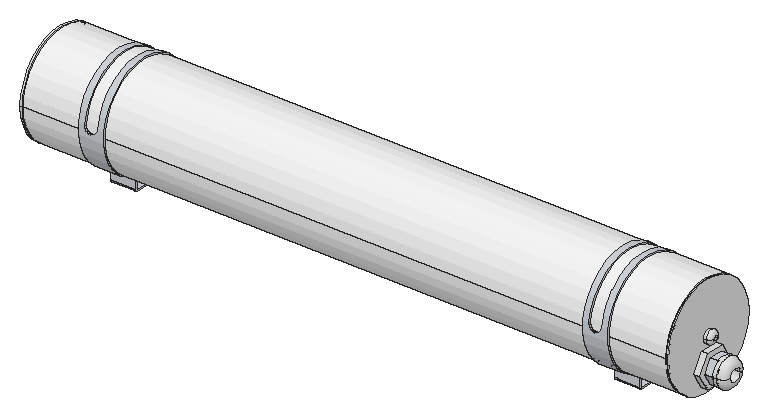
Revit family "0047610 Feilo Slyvania Lighting Fixture SYLPROOF TUBULAR LED 1X600 EB MW NW", category Lighting Fixtures, host Face, Revit 2017
Family settings
  Host = Face
  Round Connector Dimension = Use Diameter
  Part Type = Normal
  OmniClass Number = 23.80.70.00
  OmniClass Title = Lighting
  Cut with Voids When Loaded = No
  Light Source = Yes
  Shared = No
  Room Calculation Point = No
Parameters (values of type "0047610 SYLPROOF TUBULAR LED 1X600 EB MW NW")
  Weight = "1.9 kg"
  Wattage Comments = "n/a"
  Wattage = 13 W
  WarrantyStartDate [instance] = "n/a"
  WarrantyGuarantorParts = "n/a"
  WarrantyDurationUnit = "n/a"
  WarrantyDurationParts = "n/a"
  WarrantyDescription = "n/a"
  built-in parameter 1150110 = 1 (stored number, unit not read)
  Voltage = 230 V
  URL = "http://www.sylvania-lighting.com"
  TypeName = "SYLPROOF TUBULAR LED 1X600 EB MW NW"
  Type Image = <None>
  Type Comments = "n/a"
  TubeDiameterOutside_FEILO = 100 mm
  TubeDiameterInside_FEILO = 96 mm
  built-in parameter 1114217 = 1 (stored number, unit not read)
  Tilt Angle = -90.00°
  built-in parameter 1150109 = 1 (stored number, unit not read)
  built-in parameter 1150134 = 12
  built-in parameter 1150113 = 1 (stored number, unit not read)
  SerialNumber [instance] = "n/a"
  ReflectorMaterial = Reflector-Sylvania-SylproofTubular-Illumination
  PowerFactor = 0
  PowerConsumption = "13 W"
  Photometric Web File = "0047610.ies"
  NominalLength = 700 mm
  NominalHeight = 112 mm
  NominalDepth = 112 mm
  Name = "SYLPROOF TUBULAR LED 1X600 EB MW NW"
  MountingHeight_FEILO = 64 mm
  ModelReference = Name  # "SYLPROOF TUBULAR LED 1X600 EB MW NW"
  ModelNumber = "0047610"
  Model = Name  # "SYLPROOF TUBULAR LED 1X600 EB MW NW"
  Material = "acrylic/pmma tube housing, acrylic/pmma diffuser"
  ManufacturerName = "Feilo Sylvania"
  Manufacturer = "Feilo Sylvania"
  LuminousEfficacy = "102.92 lm/W"
  built-in parameter 1150105 = 106.47 (stored number, unit not read)
  Lumens = 1337.96 lm
  LuminaireType = ""
  built-in parameter 1150115 = 1 (stored number, unit not read)
  LightOutputRatio = "100"
  TubeLength_FEILO = 642 mm
  built-in parameter 1150137 = (empty or 0)
  built-in parameter 1150139 = (empty or 0)
  LampsType = Lamp  # "LED"
  LampNominalLuminous = "1338 lm"
  LampMacAdamStep = "n/a"
  LampColourTemperature = "4000 K"
  LampColourRenderingIndex = "0"
  built-in parameter 1150112 = 1 (stored number, unit not read)
  built-in parameter 1150114 = 1 (stored number, unit not read)
  Lamp = "LED"
  Keynote = "16500"
  InstallationDate [instance] = "n/a"
  InputVoltage = "220-240V~"
  InputNominalFrequency = "50/60 Hz"
  built-in parameter 1150132 = (empty or 0)
  built-in parameter 1150102 = (empty or 0)
  built-in parameter 1150107 = 4000 (stored number, unit not read)
  built-in parameter 1150138 = (empty or 0)
  IngressProtection = "IP66"
  ImpactProtectionIndex = "IK06"
  built-in parameter 1150106 = 1.0647 (stored number, unit not read)
  IfcExportType = "IfcLightFixtureType"
  IfcExportAs = "IfcLightFixtureType"
  Height_FEILO = 115 mm
  ExpectedLife = 50000
  Emit from Rectangle Width = TubeLength_FEILO - 20 mm  # 622 mm
  Emit from Rectangle Length = 90 mm  # constant formula
  Emit Shape Visible in Rendering = no
  ElectricShockClassification = "Class I"
  built-in parameter 1150104 = 9.5616 (stored number, unit not read)
  DurationUnit = "hours"
  DocumentationLiterature = "http://www.sylvania-lighting.com/product/en-int/products/0047610"
  DimmingControlOptions = "Non dimmable"
  Dimming Lamp Color Temperature Shift = <None>
  DiffuserMaterial = Diffuser-Sylvania-SylproofTubular-Opal
  Description = "Aesthetically attractive and highly efficient LED tubular luminaire, opaque acrylic diffuser, stainless steel end caps and mounting brackets, rapid connector, as Sylvania Sylproof Tubular LED"
  Default Elevation = 1219.2 mm
  CreatedOn = "21/11/2017"
  CreatedBy = ""
  Cost = 0
  Color Filter = 16777215
  built-in parameter 1114216 [instance] = (empty or 0)
  ClassificationValue = "EF_70_80"
  ClassificationName = "Uniclass2015"
  BracketWidth_FEILO = 25 mm
  BracketDistance_FEILO = TubeLength_FEILO - 142 mm  # 500 mm
  BodyMaterial = Body-Sylvania-SylproofTubular-Aluminium
  BarCode [instance] = "n/a"
  built-in parameter 1114218 = 1 (stored number, unit not read)
  built-in parameter 1150133 = 10 (stored number, unit not read)
  AssetType = "Fixed"
  AssetIdentifier [instance] = "n/a"
  Assembly Code = "D5020200"
  Apparent Load = 13 VA
  AccessoryMaterial = none
Reference planes
  plane 1 "Center (Front/Back)": y = 0
  plane 2: z = 0
  plane 3 "Center (Left/Right)": x = 0
  plane 4: x = 250
  plane 5: x = -250
  plane 6: x = 321
  plane 7: x = -321
  plane 8: x = 348
  plane 9: x = -319
  plane 10: x = 319
  plane 11: z = 64
  plane 12: z = 54
  plane 13: y = 14
  plane 14: y = -14
  plane 15: y = -42
  plane 16: y = 42
  plane 17: x = 307
  plane 18: x = -307
  plane 19: x = 324.8
  plane 20: x = -324.8
  plane 21: y = 6.4
  plane 22: y = -6.4
  plane 23: y = 2
  plane 24: x = 328.1
  plane 25: x = -328.1
  plane 26: z = 38
  plane 27: z = 54
  plane 28: z = 22
  plane 29: x = 337.1
  plane 30: x = 340.6
  plane 31: z = 115
Forms (mm)
  Extrusion 1, solid, material "Diffuser-Sylvania-SylproofTubular-Opal" <- "DiffuserMaterial"
    sketch origin (0, 0, 0) x (0, 1, 0) y (0, 0, 1)
      loop
        circle (0, 64) r 50
      loop
        circle (0, 64) r 48
    from -319 to 319
  Extrusion 2, solid, material "Reflector-Sylvania-SylproofTubular-Illumination" <- "ReflectorMaterial", detail levels medium+fine
    sketch origin (0, 0, 0) x (0, 1, 0) y (0, 0, 1)
      loop
        line (14, 54) -> (42, 64) -> (41.664, 64.942) -> (13.827, 55) -> (-13.827, 55) -> (-41.664, 64.942) -> (-42, 64) -> (-14, 54) -> (14, 54)
    from -307 to 307
  Extrusion 3, solid, material "Body-Sylvania-SylproofTubular-Aluminium" <- "BodyMaterial"
    sketch origin (319, 1524, 1219.2) x (0, 1, 0) y (0, 0, 1)
      loop
        circle (-1524, -1155.2) r 50
    from 0 to 2
  Extrusion 4, solid, material "Body-Sylvania-SylproofTubular-Aluminium" <- "BodyMaterial"
    sketch origin (-319, 1524, 1219.2) x (0, 1, 0) y (0, 0, 1)
      loop
        circle (-1524, -1155.2) r 50
    from -2 to 0
  Revolve 5, solid, material "Body-Sylvania-SylproofTubular-Aluminium" <- "BodyMaterial", detail levels fine
    sketch origin (0, 1219.2, 64) x (1, 0, 0) y (0, 1, 0)
      loop
        line (-328.1, -1219.2) -> (-321, -1219.2) -> (-321, -1212.8) -> (-324.8, -1212.8)
        arc (-324.8, -1212.8) -> (-327.183, -1214.45) -> (-328.1, -1217.2) r 4.583
        line (-328.1, -1217.2) -> (-328.1, -1219.2)
      axis (-321, -1219.2) -> (-328.1, -1219.2)
    angle from 360 to 0
  Revolve 6, solid, material "Body-Sylvania-SylproofTubular-Aluminium" <- "BodyMaterial", detail levels fine
    sketch origin (0, 1219.2, 64) x (1, 0, 0) y (0, 1, 0)
      loop
        line (328.1, -1219.2) -> (328.1, -1217.2)
        arc (328.1, -1217.2) -> (327.183, -1214.45) -> (324.8, -1212.8) r 4.583
        line (324.8, -1212.8) -> (321, -1212.8) -> (321, -1219.2) -> (328.1, -1219.2)
      axis (328.1, -1219.2) -> (321, -1219.2)
    angle from 360 to 0
  Extrusion 7, solid, material "Body-Sylvania-SylproofTubular-Aluminium" <- "BodyMaterial", detail levels medium+fine
    sketch origin (321, 1524, 1219.2) x (0, 1, 0) y (0, 0, 1)
      loop
        line (-1533.174, -1165.2) -> (-1542.475, -1181.089) -> (-1533.302, -1197.2) -> (-1514.826, -1197.2) -> (-1505.525, -1181.311) -> (-1514.698, -1165.2) -> (-1533.174, -1165.2)
    from 0 to 7.1
  Extrusion 8, solid, detail levels medium+fine
    sketch origin (328.1, 1524, 1219.2) x (0, 1, 0) y (0, 0, 1)
      loop
        line (-1530.892, -1169.262) -> (-1537.785, -1181.2) -> (-1530.892, -1193.138) -> (-1517.108, -1193.138) -> (-1510.215, -1181.2) -> (-1517.108, -1169.262) -> (-1530.892, -1169.262)
    from 0 to 9
  Revolve 9, solid, material "Body-Sylvania-SylproofTubular-Aluminium" <- "BodyMaterial", detail levels medium+fine
    sketch origin (0, 1219.2, 38) x (1, 0, 0) y (0, 1, 0)
      loop
        line (337.1, -1205.415) -> (337.1, -1212.8) -> (348, -1212.8)
        arc (348, -1212.8) -> (345.837, -1207.578) -> (340.615, -1205.415) r 7.385
        line (340.615, -1205.415) -> (337.1, -1205.415)
      axis (348, -1219.2) -> (337.1, -1219.2)
    angle from 360 to 0
Dimensions and locks
  equal spacing: plane 5, plane 3 "Center (Left/Right)", plane 4
  "BracketDistance_FEILO": plane 5 to plane 4
  equal spacing: plane 7, plane 3 "Center (Left/Right)", plane 6  (x2)
  "TubeLength_FEILO": plane 7 to plane 6
  locked: plane 6 to plane 8 at 27
  equal spacing: plane 9, plane 3 "Center (Left/Right)", plane 10
  locked: plane 7 to plane 9 at 2
  "MountingHeight_FEILO": plane 11 to plane 2
  locked: plane 12 to plane 11 at 10
  equal spacing: plane 14, plane 1 "Center (Front/Back)", plane 13
  locked: plane 14 to plane 1 "Center (Front/Back)" at 14
  equal spacing: plane 15, plane 1 "Center (Front/Back)", plane 16
  locked: plane 15 to plane 1 "Center (Front/Back)" at 42
  locked: plane 12 to Extrusion 2 sketch curve at 1
  locked: Extrusion 2 sketch curve to Extrusion 2 sketch curve at 1  (x2)
  equal spacing: plane 18, plane 3 "Center (Left/Right)", plane 17
  locked: plane 9 to plane 18 at 12
  equal spacing: plane 20, plane 3 "Center (Left/Right)", plane 19
  locked: plane 20 to plane 7 at 3.8
  equal spacing: plane 22, plane 1 "Center (Front/Back)", plane 21
  locked: plane 22 to plane 21 at 12.8
  locked: plane 1 "Center (Front/Back)" to plane 23 at 2
  equal spacing: plane 25, plane 3 "Center (Left/Right)", plane 24
  locked: plane 25 to plane 7 at 7.1
  locked: plane 26 to plane 11 at 26
  equal spacing: plane 28, plane 26, plane 27
  locked: plane 26 to plane 27 at 16
  locked: Extrusion 7 sketch curve to Extrusion 7 sketch curve at 32.001  (x2)
  locked: plane 24 to plane 29 at 9
  locked: plane 26 to Extrusion 8 sketch curve at 11.938
  locked: Extrusion 8 sketch curve to plane 26 at 11.938
  locked: Extrusion 8 sketch curve to Extrusion 8 sketch curve at 23.876  (x2)
  locked: Extrusion 8 sketch curve to plane 1 "Center (Front/Back)" at 13.785
  locked: plane 1 "Center (Front/Back)" to Extrusion 8 sketch curve at 13.785
  locked: plane 29 to plane 30 at 3.5
  "Height_FEILO": plane 31 to plane 2
  "TubeDiameterOutside_FEILO": diameter of Extrusion 1 sketch curve
  "TubeDiameterInside_FEILO": diameter of Extrusion 1 sketch curve
  aligned and locked: plane 2 to host face
  aligned and locked: level to host face
  aligned and locked: plane 10 to Extrusion 1
  aligned and locked: Extrusion 1 to plane 9
  aligned and locked: plane 13 to Extrusion 2 sketch curve
  aligned and locked: Extrusion 2 sketch curve to plane 12
  aligned and locked: plane 11 to Extrusion 2 sketch curve
  aligned and locked: plane 15 to Extrusion 2 sketch curve
  aligned and locked: plane 17 to Extrusion 2
  aligned and locked: Extrusion 2 to plane 18
  aligned and locked: plane 11 to Extrusion 1 sketch curve  (x2)
  aligned and locked: plane 1 "Center (Front/Back)" to Extrusion 1 sketch curve  (x2)
  aligned and locked: Extrusion 3 sketch curve to Extrusion 1  (x2)
  aligned and locked: plane 6 to Extrusion 3
  aligned and locked: Extrusion 3 to plane 10
  aligned and locked: Extrusion 4 sketch curve to Extrusion 3  (x2)
  aligned and locked: Extrusion 4 to plane 7
  aligned and locked: plane 9 to Extrusion 4
  aligned and locked: Revolve 5 sketch curve to Extrusion 4
  aligned and locked: plane 1 "Center (Front/Back)" to Revolve 5 sketch curve
  aligned and locked: plane 20 to Revolve 5 sketch curve
  aligned and locked: Revolve 5 sketch curve to plane 21
  aligned and locked: Revolve 5 sketch curve to plane 1 "Center (Front/Back)"
  aligned and locked: plane 23 to Revolve 6 sketch curve
  aligned and locked: Revolve 6 sketch curve to Extrusion 3
  aligned and locked: plane 1 "Center (Front/Back)" to Revolve 6 sketch curve
  aligned and locked: Revolve 6 sketch curve to plane 21
  aligned and locked: Revolve 6 sketch curve to plane 1 "Center (Front/Back)"
  aligned and locked: plane 25 to Revolve 5 sketch curve
  aligned and locked: plane 24 to Revolve 6 sketch curve
  aligned and locked: Extrusion 7 sketch curve to plane 27
  aligned and locked: plane 28 to Extrusion 7 sketch curve
  aligned and locked: plane 24 to Extrusion 7
  aligned and locked: Extrusion 7 to plane 6
  aligned and locked: plane 29 to Extrusion 8
  aligned and locked: Extrusion 8 to plane 24
  aligned and locked: Revolve 9 sketch curve to plane 1 "Center (Front/Back)"
  aligned and locked: Extrusion 8 to Revolve 9 sketch curve
  aligned and locked: Revolve 9 sketch curve to Extrusion 8
  aligned and locked: plane 8 to Revolve 9 sketch curve
  aligned and locked: plane 21 to Revolve 9 sketch curve
  aligned and locked: imposter light to plane 31
  aligned and locked: imposter light to plane 3 "Center (Left/Right)"
  aligned and locked: imposter light to plane 1 "Center (Front/Back)"
  aligned and locked: plane 1 "Center (Front/Back)" to nested 2
  aligned and locked: plane 1 "Center (Front/Back)" to nested 1
  aligned and locked: plane 5 to nested 1
  aligned and locked: plane 4 to nested 2
Automatic sketch dimensions
  host sketch curve to host sketch curve = 2438.4 mm  (x2)
  Extrusion 2 sketch curve to plane 14 = 0 mm
  Extrusion 2 sketch curve to plane 16 = 0 mm
  plane 11 to Extrusion 2 sketch curve = 0 mm
  plane 23 to Revolve 5 sketch curve = 0 mm
  Revolve 5 sketch curve to plane 25 = 1195.9 mm
  plane 8 to Revolve 5 sketch curve = 1176 mm
  Revolve 6 sketch curve to plane 19 = 0 mm
  Revolve 6 sketch curve to plane 25 = 1195.9 mm
  plane 8 to Revolve 6 sketch curve = 1176 mm
  Extrusion 7 sketch curve to plane 26 = 0.111 mm
  plane 14 to Extrusion 7 sketch curve = 4.475 mm
  plane 22 to Extrusion 7 sketch curve = 2.902 mm
  plane 22 to Extrusion 7 sketch curve = 2.774 mm
  plane 26 to Extrusion 8 sketch curve = 0 mm  (x2)
  Revolve 9 sketch curve to plane 25 = 1195.9 mm
  plane 8 to Revolve 9 sketch curve = 1176 mm
Nested families
  nested 1: "SylproofTubularMountingRing" at (-250, 0, 0), type "SylproofTubularMountingRing"
  nested 2: "SylproofTubularMountingRing" at (250, 0, 0), type "SylproofTubularMountingRing"
Connectors
  electrical at (0, 0, 0), driven by "Apparent Load", driven by "PowerFactor", driven by "Voltage"
    settings: index 1, voltage 230 V, apparent load 13 VA, apparent load phase1 0 VA, apparent load phase2 0 VA, apparent load phase3 0 VA, power factor 0, load classification "Lighting", number of poles 1, system type 30, power factor state 1, is connector primary yes, connector utility no, sub classification motor no, connector description ""
Definition of nested family "SylproofTubularMountingRing"
  Parameters (values of type "SylproofTubularMountingRing")
    URL = "http://www.feilosylvania.com"
    Type Image = (empty or 0)
    Type Comments = "n/a"
    TubeRadius_FEILO = 50 mm
    TubeDiameter_FEILO = TubeRadius_FEILO * 2  # 100 mm
    Model = ""
    Manufacturer = "Feilo Sylvania"
    Length_FEILO = 1000 mm
    Keynote = ""
    Height_FEILO = 3 mm
    Description = ""
    Default Elevation = 1219.2 mm
    CutOutWidth_FEILO = BracketWidth_FEILO / 2  # 12.5 mm
    CutOutRadius_FEILO = CutOutWidth_FEILO / 2  # 6.25 mm
    Cost = 0
    ClassificationValue = ""
    ClassificationName = ""
    BracketWidth_FEILO = 25 mm
    BracketThickness_FEILO = 1 mm
    BracketOuterCircleRadis_FEILO = TubeRadius_FEILO + BracketThickness_FEILO  # 51 mm
    BodyMaterial = none
    Assembly Code = ""
  Reference planes
    plane 1 "Center (Front/Back)": y = 0
    plane 2: z = 0
    plane 3 "Center (Left/Right)": x = 0
    plane 4: x = 12.5
    plane 5: x = -12.5
    plane 6: y = 50
    plane 7: y = -50
    plane 8: z = 115
    plane 9: z = 114
    plane 10: y = -51
    plane 11: y = 51
    plane 12: z = 14
    plane 13: z = 64
    plane 14: y = 10
    plane 15: y = -10
    plane 16: y = 11
    plane 17: z = 1
    plane 18: y = -11
    plane 19: x = 6.25
    plane 20: x = -6.25
    plane 21: z = 70.25
    plane 22: y = 54
    plane 23: y = -54
    plane 24: z = 120
  Forms (mm)
    Extrusion 1, solid
      sketch origin (4.2, 0, 0) x (1, 0, 0) y (0, 1, 0)
        loop
          line (-1219.2, 1219.2) -> (-1219.2, -1219.2) -> (1219.2, -1219.2) -> (1219.2, 1219.2) -> (-1219.2, 1219.2)
      from 0 to -68.017
    Extrusion 2, solid
      sketch origin (0, 0, 0) x (0, 1, 0) y (0, 0, 1)
        loop
          arc (9, 1) -> (9.707, 1.293) -> (10, 2) r 1
          line (10, 2) -> (10, 13.435)
          arc (10, 13.435) -> (10.423, 14.651) -> (11.509, 15.343) r 1.96
          arc (11.509, 15.343) -> (0.015, 114) -> (-11.538, 15.35) r 50
          arc (-11.538, 15.35) -> (-10.431, 14.644) -> (-10, 13.404) r 2
          line (-10, 13.404) -> (-10, 2)
          arc (-10, 2) -> (-9.707, 1.293) -> (-9, 1) r 1
          line (-9, 1) -> (9, 1)
        loop
          arc (9, 0) -> (10.414, 0.586) -> (11, 2) r 2
          line (11, 2) -> (11, 13.404)
          arc (11, 13.404) -> (11.216, 14.024) -> (11.769, 14.377) r 1
          arc (11.769, 14.377) -> (0, 115) -> (-11.769, 14.377) r 51
          arc (-11.769, 14.377) -> (-11.216, 14.024) -> (-11, 13.404) r 1
          line (-11, 13.404) -> (-11, 2)
          arc (-11, 2) -> (-10.414, 0.586) -> (-9, 0) r 2
          line (-9, 0) -> (9, 0)
      from -12.5 to 12.5
    Extrusion 3, void
      sketch origin (0, 0, 0) x (1, 0, 0) y (0, 0, 1)
        loop
          line (-6.25, 120) -> (-6.25, 70.25)
          arc (-6.25, 70.25) -> (0, 64) -> (6.25, 70.25) r 6.25
          line (6.25, 70.25) -> (6.25, 120) -> (-6.25, 120)
      from -54 to 54
  Cuts and joins
    Extrusion 3 cuts Extrusion 2
  Lines and regions (mm)
    reference lines
      curve 1: circle (0, 0, 64) r 50 normal (1, 0, 0)
      curve 2: circle (0, 0, 64) r 51 normal (-1, 0, 0)
  Dimensions and locks
    equal spacing: plane 5, plane 3 "Center (Left/Right)", plane 4
    "BracketWidth_FEILO": plane 5 to plane 4
    equal spacing: plane 7, plane 1 "Center (Front/Back)", plane 6
    "TubeRadius_FEILO": plane 7 to plane 1 "Center (Front/Back)"
    locked: plane 8 to plane 2 at 115
    "BracketThickness_FEILO": plane 9 to plane 8
    equal spacing: plane 10, plane 1 "Center (Front/Back)", plane 11
    "BracketThickness_FEILO": plane 10 to plane 7
    "TubeDiameter_FEILO": plane 12 to plane 9
    "TubeRadius_FEILO": plane 12 to plane 13
    equal spacing: plane 15, plane 1 "Center (Front/Back)", plane 14
    locked: plane 15 to plane 1 "Center (Front/Back)" at 10
    "BracketThickness_FEILO": plane 17 to plane 2
    "BracketThickness_FEILO": plane 18 to plane 15
    equal spacing: plane 18, plane 1 "Center (Front/Back)", plane 16
    equal spacing: plane 19, plane 3 "Center (Left/Right)", plane 20
    "CutOutWidth_FEILO": plane 19 to plane 20
    "CutOutRadius_FEILO": plane 21 to plane 13
    plane 23 to plane 1 "Center (Front/Back)" to plane 22 = 54 mm locked, 54 mm locked
    locked: plane 24 to level at 120
    "TubeRadius_FEILO": radius of curve 1
    "BracketOuterCircleRadis_FEILO": radius of curve 2
    "BracketOuterCircleRadis_FEILO": radius of Extrusion 2 sketch curve
    "TubeRadius_FEILO": radius of Extrusion 2 sketch curve
    aligned and locked: plane 2 to Extrusion 1
    aligned and locked: level to Extrusion 1
    aligned and locked: plane 1 "Center (Front/Back)" to curve 1
    aligned and locked: plane 13 to curve 1
    aligned and locked: plane 1 "Center (Front/Back)" to curve 2
    aligned and locked: plane 13 to curve 2
    aligned and locked: Extrusion 2 sketch curve to plane 17
    aligned and locked: Extrusion 2 sketch curve to plane 15
    aligned and locked: Extrusion 2 sketch curve to plane 18
    aligned and locked: Extrusion 2 sketch curve to plane 14
    aligned and locked: Extrusion 2 sketch curve to plane 16
    aligned and locked: plane 4 to Extrusion 2
    aligned and locked: Extrusion 2 to plane 5
    aligned and locked: plane 20 to Extrusion 3 sketch curve
    aligned and locked: Extrusion 3 sketch curve to plane 19
    aligned and locked: plane 3 "Center (Left/Right)" to Extrusion 3 sketch curve
    aligned and locked: plane 21 to Extrusion 3 sketch curve  (x3)
    aligned and locked: plane 23 to Extrusion 3
    aligned and locked: Extrusion 3 to plane 22
    aligned and locked: plane 24 to Extrusion 3 sketch curve
  Automatic sketch dimensions
    Extrusion 1 sketch curve to Extrusion 1 sketch curve = 2438.4 mm  (x2)
    Extrusion 2 sketch curve to Extrusion 2 sketch curve = 0 mm  (x8)
    Extrusion 2 sketch curve to plane 1 "Center (Front/Back)" = 0 mm
    plane 13 to Extrusion 2 sketch curve = 0 mm
    Extrusion 2 sketch curve to plane 15 = 1 mm
    plane 14 to Extrusion 2 sketch curve = 1 mm
    Extrusion 2 sketch curve to Extrusion 2 sketch curve = 1 mm
    Extrusion 2 sketch curve to Extrusion 2 sketch curve = 0.04 mm
    plane 12 to Extrusion 2 sketch curve = 0.596 mm
    plane 12 to Extrusion 2 sketch curve = 0.565 mm
    Extrusion 2 sketch curve to Extrusion 2 sketch curve = 0.031 mm
  Connectors
    electrical at (0, 0, 0)
      settings: index 1, voltage 24 V, apparent load 72 VA, apparent load phase1 0 VA, apparent load phase2 0 VA, apparent load phase3 0 VA, power factor 0, load classification none, number of poles 1, system type 30, power factor state 1, is connector primary yes, connector utility no, sub classification motor no, connector description ""
